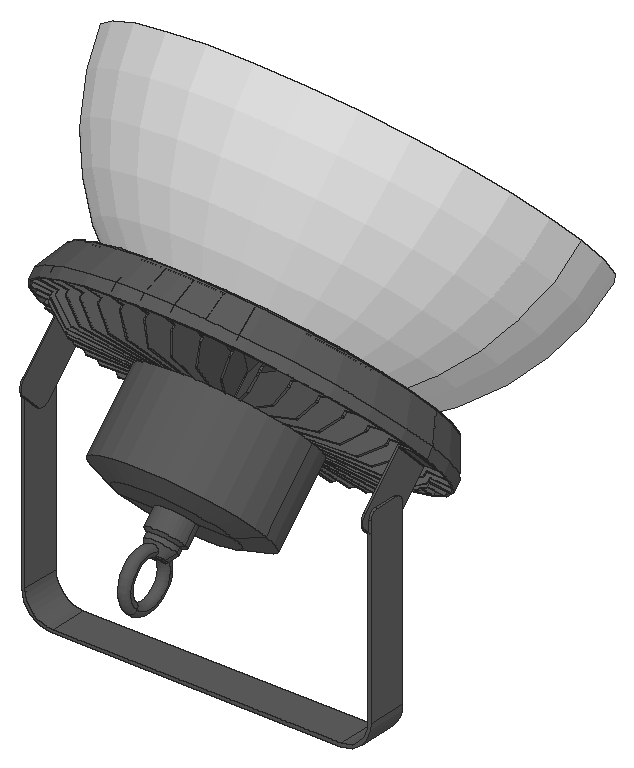
Revit family "0039364+0039355+0039359 Sylvania Lighting Fixture START HighBay IP65 DALI 26000lm 840 MB with BRACKET and ALU SHADE ALU COLOR FOR 26KLM", category Lighting Fixtures, host Face, Revit 2016
Family settings
  Host = Face
  Part Type = Normal
  Round Connector Dimension = Use Diameter
  OmniClass Number = 23.80.70.00
  OmniClass Title = Lighting
  Cut with Voids When Loaded = No
  Light Source = No
  Shared = No
  Room Calculation Point = No
Parameters (values of type "0039364+0039355+0039359  START HighBay IP65 DALI 26000lm 840 MB with BRACKET and ALU SHADE ALU COLOR FOR 26KLM")
  Weight = "3.7 kg"
  Wattage Comments = ""
  WarrantyStartDate [instance] = "n/a"
  WarrantyGuarantorParts = "n/a"
  WarrantyDurationUnit = "n/a"
  WarrantyDurationParts = "n/a"
  WarrantyDescription = "n/a"
  Voltage = 0 V
  URL = "http://www.sylvania-lighting.com"
  TypeName = "START HighBay IP65 DALI 26000lm 840 MB with BRACKET and ALU SHADE ALU COLOR FOR 26KLM"
  TypeHead_FEILO = Start LED Highbay DALI Head : 0039364+0039355+0039359 START HighBay IP65 DALI 26000lm 840 MB with BRACKET and ALU SHADE ALU COLOR FOR 26KLM
  Type Image = <None>
  Type Comments = "n/a"
  TiltAngle_FEILO [instance] = 45.00°
  ThicknessBracketPlate_FEILO = 3 mm
  SizeBracketS_FEILO = no
  SizeBracketM_FEILO = no
  SerialNumber [instance] = "n/a"
  RadiusBracketTop_FEILO = 7 mm
  RadiusBendOut_FEILO = if(SizeBracketS_FEILO, 18 mm, if(SizeBracketM_FEILO, 24 mm, 28 mm))  # 28 mm
  RadiusBendIn_FEILO = RadiusBendOut_FEILO - ThicknessBracketPlate_FEILO  # 25 mm
  Material_3_FEILO = none
  PowerFactor = 0.95
  PowerConsumption = "190 W"
  NominalLength = 339 mm
  NominalHeight = 189 mm
  NominalDepth = 339 mm
  Name = "START HighBay IP65 DALI 26000lm 840 MB with BRACKET and ALU SHADE ALU COLOR FOR 26KLM"
  ModelReference = Name  # "START HighBay IP65 DALI 26000lm 840 MB with BRACKET and ALU SHADE ALU COLOR FOR 26KLM"
  ModelNumber = "0039364+0039355+0039359"
  Model = Name  # "START HighBay IP65 DALI 26000lm 840 MB with BRACKET and ALU SHADE ALU COLOR FOR 26KLM"
  Material = "aluminium alloy housing, polycarbonate diffuser"
  ManufacturerName = "Feilo Sylvania"
  Manufacturer = "Feilo Sylvania"
  LuminousEfficacy = "130 lm/W"
  LuminaireType = ""
  LightOutputRatio = "n/a"
  LampsType = Lamp  # "LED"
  LampNominalLuminous = "24700 lm"
  LampMacAdamStep = "6"
  LampColourTemperature = "4000 K"
  LampColourRenderingIndex = "80"
  Lamp = "LED"
  Keynote = "16500"
  InstallationDate [instance] = "n/a"
  InputVoltage = "n/a"
  InputNominalFrequency = "50/60 Hz"
  IngressProtection = "IP65"
  ImpactProtectionIndex = "IK08"
  IfcExportType = "IfcLightFixtureType"
  IfcExportAs = "IfcLightFixtureType"
  ExpectedLife = 50000
  EndAngle_FEILO [instance] = TiltAngle_FEILO + 180.00°  # 225.00°
  ElectricShockClassification = "Class I"
  DurationUnit = "hours"
  DocumentationLiterature = "http://www.sylvania-lighting.com/product/en-int/products/0039364"
  DimmingControlOptions = "Dimmable"
  Material_2_FEILO = none
  Description = "START Highbay, includes 1 m cables, black aluminium housing, 24,700 Lm, 190 W, 130 Lm/W, 4000 K, drive current: 4100 mA, CRI 80, 60° beam angle, DALI dimmable, IP65, IK08, 50,000 hrs (L80/B50), (D x H) 339 x 189 mm."
  Default Elevation = 1219.2 mm
  CreatedOn = "5/15/2018"
  CreatedBy = "aron.fodor@sylvania-lighting.com"
  Cost = 0
  built-in parameter 1114216 [instance] = (empty or 0)
  ClassificationValue = "EF_70_80"
  ClassificationName = "Uniclass2015"
  Material_1_FEILO = Body-Sylvania-StartHighbay-Black
  BracketHeight_FEILO = if(SizeBracketS_FEILO, 199.5 mm, if(SizeBracketM_FEILO, 209.6 mm, 201.3 mm))  # 201.3 mm
  BracketDistanceInner_FEILO = if(SizeBracketS_FEILO, 249.4 mm, if(SizeBracketM_FEILO, 273.6 mm, 313.2 mm))  # 313.2 mm
  BarCode [instance] = "n/a"
  AssetType = "Fixed"
  AssetIdentifier [instance] = "n/a"
  Assembly Code = "D5020200"
  Apparent Load = 190 VA
  Material_4_FEILO = none
Reference planes
  plane 1 "Center (Front/Back)": y = 0
  plane 2: z = 0
  plane 3 "Center (Left/Right)": x = 0
  plane 4: x = -159.6
  plane 5: x = 159.6
  plane 6: z = 201.3
  plane 7: x = -156.6
  plane 8: z = 3
  plane 9: x = 156.6
  plane 10: y = 17.5
  plane 11: y = -17.5
  plane 12: y = -19.5
  plane 13: z = 203.3
  plane 14: y = 19.5
  plane 15: z = 192.3
Forms (mm)
  Extrusion 1, solid, material "Body-Sylvania-StartHighbay-Black" <- "Material_1_FEILO"
    sketch origin (0, 0, 0) x (1, 0, 0) y (0, 0, 1)
      loop
        line (-159.6, 201.3) -> (-159.6, 28)
        arc (-159.6, 28) -> (-151.399, 8.201) -> (-131.6, 0) r 28
        line (-131.6, 0) -> (131.6, 0)
        arc (131.6, 0) -> (151.399, 8.201) -> (159.6, 28) r 28
        line (159.6, 28) -> (159.6, 201.3) -> (156.6, 201.3) -> (156.6, 28)
        arc (156.6, 28) -> (149.278, 10.322) -> (131.6, 3) r 25
        line (131.6, 3) -> (-131.6, 3)
        arc (-131.6, 3) -> (-149.278, 10.322) -> (-156.6, 28) r 25
        line (-156.6, 28) -> (-156.6, 201.3) -> (-159.6, 201.3)
    from -17.5 to 17.5
  Extrusion 2, void
    sketch origin (0, 0, 0) x (0, 1, 0) y (0, 0, 1)
      loop
        arc (10.5, 201.3) -> (15.45, 199.25) -> (17.5, 194.3) r 7
        line (17.5, 194.3) -> (19.5, 194.3) -> (19.5, 203.3) -> (-19.5, 203.3) -> (-19.5, 194.3) -> (-17.5, 194.3)
        arc (-17.5, 194.3) -> (-15.45, 199.25) -> (-10.5, 201.3) r 7
        line (-10.5, 201.3) -> (10.5, 201.3)
    from -159.6 to 159.6
  Revolve 3, solid, not visible
    sketch origin (1223.4, -4572, 192.3) x (0, -1, 0) y (1, 0, 0)
      loop
        line (-4572, -1223.4) -> (-4591.5, -1223.4) -> (-4591.5, -1277.783) -> (-4572, -1277.783) -> (-4572, -1223.4)
      axis (-4572, -1223.4) -> (-4572, -1277.783)
    angle from 45 <- "TiltAngle_FEILO" to 225 <- "EndAngle_FEILO"
Cuts and joins
  Extrusion 2 cuts Extrusion 1
Dimensions and locks
  "BracketHeight_FEILO": plane 6 to plane 2
  equal spacing: plane 11, plane 1 "Center (Front/Back)", plane 10
  locked: plane 11 to plane 10 at 35
  equal spacing: plane 9, plane 3 "Center (Left/Right)", plane 7
  "BracketDistanceInner_FEILO": plane 9 to plane 7
  "ThicknessBracketPlate_FEILO": plane 7 to plane 4
  "ThicknessBracketPlate_FEILO": plane 8 to plane 2
  equal spacing: plane 5, plane 3 "Center (Left/Right)", plane 4
  equal spacing: plane 12, plane 1 "Center (Front/Back)", plane 14
  locked: plane 6 to plane 13 at 2
  locked: plane 12 to plane 11 at 2
  locked: plane 6 to plane 15 at 9
  "RadiusBendOut_FEILO": radius of Extrusion 1 sketch curve  (x2)
  "RadiusBendIn_FEILO": radius of Extrusion 1 sketch curve  (x2)
  "RadiusBracketTop_FEILO": radius of Extrusion 2 sketch curve  (x2)
  aligned and locked: plane 2 to host face
  aligned and locked: level to host face
  aligned and locked: Extrusion 1 sketch curve to plane 4
  aligned and locked: Extrusion 1 sketch curve to level
  aligned and locked: plane 6 to Extrusion 1 sketch curve
  aligned and locked: Extrusion 1 sketch curve to plane 6
  aligned and locked: Extrusion 1 sketch curve to plane 7
  aligned and locked: plane 9 to Extrusion 1 sketch curve
  aligned and locked: plane 8 to Extrusion 1 sketch curve
  aligned and locked: Extrusion 1 to plane 10
  aligned and locked: plane 11 to Extrusion 1
  aligned and locked: Extrusion 1 to Extrusion 2 sketch curve
  aligned and locked: plane 14 to Extrusion 2 sketch curve  (x2)
  aligned and locked: Extrusion 2 sketch curve to plane 12
  aligned and locked: plane 13 to Extrusion 2 sketch curve
  aligned and locked: plane 5 to Extrusion 2
  aligned and locked: Extrusion 2 to plane 4
  aligned and locked: Revolve 3 sketch curve to plane 1 "Center (Front/Back)"
  aligned and locked: Revolve 3 sketch curve to Revolve 3 sketch curve
  aligned and locked: plane 3 "Center (Left/Right)" to Revolve 3 sketch curve
  aligned and locked: Revolve 3 sketch curve to plane 14
  aligned and locked: nested 1 to plane 3 "Center (Left/Right)"
Automatic sketch dimensions
  host sketch curve to host sketch curve = 2438.4 mm  (x2)
  Revolve 3 sketch curve to Revolve 3 sketch curve = 54.383 mm
  Revolve 3 sketch curve to plane 4 = 1396.3 mm
  plane 5 to Revolve 3 sketch curve = 1396.3 mm
  Extrusion 1 sketch curve to Extrusion 1 sketch curve = 0 mm
  Extrusion 2 sketch curve to plane 11 = 0 mm
  Extrusion 2 sketch curve to plane 10 = 0 mm
Nested families
  nested 1: "Start LED Highbay DALI Head" at (0, 0, 192.3) x (-1, 0, 0) z (0, 0.7071, 0.7071), type <- "TypeHead_FEILO", type "0039364+0039355+0039359 START HighBay IP65 DALI 26000lm 840 MB with BRACKET and ALU SHADE ALU COLOR FOR 26KLM"
    with built-in parameter 1114216 (empty or 0)
Connectors
  electrical at (0, 0, 0), driven by "Apparent Load", driven by "PowerFactor", driven by "Voltage"
    settings: index 1, voltage 0 V, apparent load 190 VA, apparent load phase1 0 VA, apparent load phase2 0 VA, apparent load phase3 0 VA, power factor 0.95, load classification "Lighting", number of poles 1, system type 30, power factor state 1, is connector primary yes, connector utility no, sub classification motor no, connector description ""
Definition of nested family "Start LED Highbay DALI Head"
  Parameters (values of type "0039367+0039355+0039361 START HighBay IP65 DALI 26000lm 840 WB with BRACKET and PC LAMPSHADE TRANSPARENT FOR 26KLM")
    X_FEILO = if(SizeS_FEILO, 60.3 mm, if(SizeM_FEILO, 70.4 mm, 83.5 mm))  # 83.5 mm
    WidthStraight_FEILO = if(SizeS_FEILO, 3 mm, if(SizeM_FEILO, 4 mm, 4.7 mm))  # 4.7 mm
    WidthRingChamfer_FEILO = if(SizeS_FEILO, 10.3 mm, if(SizeM_FEILO, 11.2 mm, 12.9 mm))  # 12.9 mm
    WidthCurved_FEILO = if(SizeS_FEILO, 17.4 mm, if(SizeM_FEILO, 16.4 mm, 26.2 mm))  # 26.2 mm
    WidthCurvedRing_FEILO = if(SizeS_FEILO, 3 mm, if(SizeM_FEILO, 4 mm, 4.7 mm))  # 4.7 mm
    WidthBracket_FEILO = 40 mm
    Wattage Comments = ""
    Wattage = 190 W
    built-in parameter 1150110 = 1 (stored number, unit not read)
    URL = "http://www.sylvania-lighting.com"
    Type Image = (empty or 0)
    Type Comments = "n/a"
    built-in parameter 1114217 = 1 (stored number, unit not read)
    Tilt Angle = -90.00°
    ThicknessWall_FEILO = 1.5 mm
    ThicknessBracket_FEILO = 1.5 mm
    ThicknessBracketHalf_FEILO = ThicknessBracket_FEILO / 2  # 0.75 mm
    built-in parameter 1150109 = 1 (stored number, unit not read)
    built-in parameter 1150134 = 1
    built-in parameter 1150113 = 1 (stored number, unit not read)
    SizeS_FEILO = no
    SizeM_FEILO = no
    ShadeThickness_FEILO = 3 mm
    ShadeSizeSM_FEILO = or(SizeS_FEILO, SizeM_FEILO)  # no
    ShadeRadiusOut_FEILO = 205 mm
    ShadeRadiusIn_FEILO = if(ShadeSizeSM_FEILO, 95 mm, 121 mm)  # 121 mm
    ShadeRadiusBend_FEILO = if(ShadeSizeSM_FEILO, 210 mm, 210 mm)  # 210 mm
    ShadeOn_FEILO = yes
    ShadeHeight_FEILO = if(ShadeSizeSM_FEILO, 120 mm, 151 mm)  # 151 mm
    Rib4_FEILO = if(SizeS_FEILO, 18.1 mm, if(SizeM_FEILO, 13.6 mm, 14.6 mm))  # 14.6 mm
    Rib3_FEILO = if(SizeS_FEILO, 15.3 mm, if(SizeM_FEILO, 17.6 mm, 20.2 mm))  # 20.2 mm
    Rib2_FEILO = if(SizeS_FEILO, 3.6 mm, if(SizeM_FEILO, 3.9 mm, 4.5 mm))  # 4.5 mm
    Rib1_FEILO = if(SizeS_FEILO, 15.1 mm, if(SizeM_FEILO, 16.5 mm, 19 mm))  # 19 mm
    RadiusDiffuser_FEILO = if(SizeS_FEILO, 95.2 mm, if(SizeM_FEILO, 105.3 mm, 120 mm))  # 120 mm
    RadiusArrayPost_FEILO = DriverRadius_FEILO - 6 mm  # 70.4 mm
    RHRadius3_FEILO = if(SizeS_FEILO, 6.6 mm, if(SizeM_FEILO, 7.4 mm, 8.6 mm))  # 8.6 mm
    RHRadius2_FEILO = if(SizeS_FEILO, 11 mm, if(SizeM_FEILO, 12 mm, 14 mm))  # 14 mm
    RHRadius1_FEILO = if(SizeS_FEILO, 13.6 mm, if(SizeM_FEILO, 14.9 mm, 17.7 mm))  # 17.7 mm
    RHHeight4_FEILO = if(SizeS_FEILO, 7.3 mm, if(SizeM_FEILO, 8 mm, 9.2 mm))  # 9.2 mm
    RHHeight3_FEILO = if(SizeS_FEILO, 3.6 mm, if(SizeM_FEILO, 3.7 mm, 4.6 mm))  # 4.6 mm
    RHHeight2_FEILO = if(SizeS_FEILO, 2 mm, if(SizeM_FEILO, 2.2 mm, 2.6 mm))  # 2.6 mm
    RHHeight1_FEILO = if(SizeS_FEILO, 11.8 mm, if(SizeM_FEILO, 15.3 mm, 17.4 mm))  # 17.4 mm
    Photometric Web File = "0039367+0039361.ies"
    Material_5_FEILO = none
    Material_3_FEILO = none
    Model = "START HighBay IP65 DALI 26000lm 840 WB with BRACKET and PC LAMPSHADE TRANSPARENT FOR 26KLM"
    Manufacturer = "Feilo Sylvania"
    built-in parameter 1150105 = 33385.3 (stored number, unit not read)
    Lumens = 24700 lm
    built-in parameter 1150115 = 1 (stored number, unit not read)
    built-in parameter 1150137 = (empty or 0)
    built-in parameter 1150139 = (empty or 0)
    built-in parameter 1150112 = 1 (stored number, unit not read)
    built-in parameter 1150114 = 1 (stored number, unit not read)
    Lamp = "LED"
    Keynote = "16500"
    built-in parameter 1150132 = (empty or 0)
    built-in parameter 1150102 = (empty or 0)
    built-in parameter 1150107 = 6500 (stored number, unit not read)
    built-in parameter 1150138 = (empty or 0)
    built-in parameter 1150106 = 333.85 (stored number, unit not read)
    HeightRing_FEILO = if(SizeS_FEILO, 19.8 mm, if(SizeM_FEILO, 32 mm, 36.8 mm))  # 36.8 mm
    HeightRingChamfer_FEILO = if(SizeS_FEILO, 11.7 mm, if(SizeM_FEILO, 23.2 mm, 26.6 mm))  # 26.6 mm
    EyeThickness_FEILO = if(SizeS_FEILO, 8.4 mm, if(SizeM_FEILO, 9.2 mm, 10.5 mm))  # 10.5 mm
    EyeThicknessHalf_FEILO = EyeThickness_FEILO / 2  # 5.25 mm
    EyeInner_FEILO = if(SizeS_FEILO, 13.8 mm, if(SizeM_FEILO, 15.1 mm, 17.3 mm))  # 17.3 mm
    Emit from Circle Diameter = RadiusDiffuser_FEILO * 2  # 240 mm
    Emit Shape Visible in Rendering = no
    built-in parameter 1150104 = 12.077 (stored number, unit not read)
    DriverVerticalStraight_FEILO = if(SizeS_FEILO, 46.5 mm, if(SizeM_FEILO, 49.7 mm, 57 mm))  # 57 mm
    DriverVerticalChamfer_FEILO = if(SizeS_FEILO, 7.5 mm, if(SizeM_FEILO, 8.2 mm, 9.5 mm))  # 9.5 mm
    DriverRadius_FEILO = if(SizeS_FEILO, 61.4 mm, if(SizeM_FEILO, 67.2 mm, 76.4 mm))  # 76.4 mm
    DriverRadiusTop_FEILO = if(SizeS_FEILO, 42 mm, if(SizeM_FEILO, 45.3 mm, 52.4 mm))  # 52.4 mm
    DriverBottom_FEILO = if(SizeS_FEILO, 56 mm, if(SizeM_FEILO, 64.5 mm, 74 mm))  # 74 mm
    Material_2_FEILO = none
    Radius_FEILO = if(SizeS_FEILO, 135 mm, if(SizeM_FEILO, 148 mm, 169.5 mm))  # 169.5 mm
    Dimming Lamp Color Temperature Shift = (empty or 0)
    DiameterWire_FEILO = 3 mm
    DiameterWireSupport_FEILO = 10 mm
    Description = "START Highbay, includes 1 m cables, black aluminium housing, 24,700 Lm, 190 W, 130 Lm/W, 6500 K, drive current: 4100 mA, CRI 80, 90° beam angle, DALI dimmable, IP65, IK08, 50,000 hrs (L80/B50), (D x H) 339 x 189 mm."
    Default Elevation = 1219.2 mm
    Cost = 0
    Color Filter = 16777215
    built-in parameter 1114216 [instance] = (empty or 0)
    Material_1_FEILO = none
    built-in parameter 1114218 = 1 (stored number, unit not read)
    built-in parameter 1150133 = 10 (stored number, unit not read)
    Assembly Code = "D5020200"
    Apparent Load = 190 VA
    Material_4_FEILO = none
  Types (24, lengths in mm): name | X_FEILO | WidthStraight_FEILO | WidthRingChamfer_FEILO | WidthCurved_FEILO | WidthCurvedRing_FEILO | Wattage | built-in parameter 1150134 | SizeS_FEILO | SizeM_FEILO | ShadeSizeSM_FEILO | ShadeRadiusIn_FEILO | ShadeOn_FEILO | ShadeHeight_FEILO | Rib4_FEILO | Rib3_FEILO | Rib2_FEILO | Rib1_FEILO | RadiusDiffuser_FEILO | RadiusArrayPost_FEILO | RHRadius3_FEILO | RHRadius2_FEILO | RHRadius1_FEILO | RHHeight4_FEILO | RHHeight3_FEILO | RHHeight2_FEILO | RHHeight1_FEILO | Photometric Web File | Model | built-in parameter 1150105 | Lumens | built-in parameter 1150107 | built-in parameter 1150106 | HeightRing_FEILO | HeightRingChamfer_FEILO | EyeThickness_FEILO | EyeThicknessHalf_FEILO | EyeInner_FEILO | Emit from Circle Diameter | DriverVerticalStraight_FEILO | DriverVerticalChamfer_FEILO | DriverRadius_FEILO | DriverRadiusTop_FEILO | DriverBottom_FEILO | Radius_FEILO | Description | Apparent Load
    0039367+0039355+0039361 START HighBay IP65 DALI 26000lm 840 WB with BRACKET and PC LAMPSHADE TRANSPARENT FOR 26KLM | 83.5 | 4.7 | 12.9 | 26.2 | 4.7 | 190 W | 1 | no | no | no | 121 | yes | 151 | 14.6 | 20.2 | 4.5 | 19 | 120 | 70.4 | 8.6 | 14 | 17.7 | 9.2 | 4.6 | 2.6 | 17.4 | "0039367+0039361.ies" | "START HighBay IP65 DALI 26000lm 840 WB with BRACKET and PC LAMPSHADE TRANSPARENT FOR 26KLM" | 33385.3 (stored number, unit not read) | 24700 lm | 6500 (stored number, unit not read) | 333.85 (stored number, unit not read) | 36.8 | 26.6 | 10.5 | 5.25 | 17.3 | 240 | 57 | 9.5 | 76.4 | 52.4 | 74 | 169.5 | "START Highbay, includes 1 m cables, black aluminium housing, 24,700 Lm, 190 W, 130 Lm/W, 6500 K, drive current: 4100 mA, CRI 80, 90° beam angle, DALI dimmable, IP65, IK08, 50,000 hrs (L80/B50), (D x H) 339 x 189 mm." | 190 VA
    0039367+0039355+0039360 START HighBay IP65 DALI 26000lm 840 WB with BRACKET and ALU SHADE BLACK COLOR FOR 26KLM | 83.5 | 4.7 | 12.9 | 26.2 | 4.7 | 190 W | 1 | no | no | no | 121 | yes | 151 | 14.6 | 20.2 | 4.5 | 19 | 120 | 70.4 | 8.6 | 14 | 17.7 | 9.2 | 4.6 | 2.6 | 17.4 | "0039367+0039360.ies" | "START HighBay IP65 DALI 26000lm 840 WB with BRACKET and ALU SHADE BLACK COLOR FOR 26KLM" | 33569.2 (stored number, unit not read) | 24700 lm | 6500 (stored number, unit not read) | 335.69 (stored number, unit not read) | 36.8 | 26.6 | 10.5 | 5.25 | 17.3 | 240 | 57 | 9.5 | 76.4 | 52.4 | 74 | 169.5 | "START Highbay, includes 1 m cables, black aluminium housing, 24,700 Lm, 190 W, 130 Lm/W, 6500 K, drive current: 4100 mA, CRI 80, 90° beam angle, DALI dimmable, IP65, IK08, 50,000 hrs (L80/B50), (D x H) 339 x 189 mm." | 190 VA
    0039367+0039355+0039359 START HighBay IP65 DALI 26000lm 840 WB with BRACKET and ALU SHADE ALU COLOR FOR 26KLM | 83.5 | 4.7 | 12.9 | 26.2 | 4.7 | 190 W | 1 | no | no | no | 121 | yes | 151 | 14.6 | 20.2 | 4.5 | 19 | 120 | 70.4 | 8.6 | 14 | 17.7 | 9.2 | 4.6 | 2.6 | 17.4 | "0039367+0039359.ies" | "START HighBay IP65 DALI 26000lm 840 WB with BRACKET and ALU SHADE ALU COLOR FOR 26KLM" | 33569.2 (stored number, unit not read) | 24700 lm | 6500 (stored number, unit not read) | 335.69 (stored number, unit not read) | 36.8 | 26.6 | 10.5 | 5.25 | 17.3 | 240 | 57 | 9.5 | 76.4 | 52.4 | 74 | 169.5 | "START Highbay, includes 1 m cables, black aluminium housing, 24,700 Lm, 190 W, 130 Lm/W, 6500 K, drive current: 4100 mA, CRI 80, 90° beam angle, DALI dimmable, IP65, IK08, 50,000 hrs (L80/B50), (D x H) 339 x 189 mm." | 190 VA
    0039367+0039355 START HighBay IP65 DALI 26000lm 840 WB with BRACKET | 83.5 | 4.7 | 12.9 | 26.2 | 4.7 | 190 W | 1 | no | no | no | 121 | no | 151 | 14.6 | 20.2 | 4.5 | 19 | 120 | 70.4 | 8.6 | 14 | 17.7 | 9.2 | 4.6 | 2.6 | 17.4 | "0039367.ies" | "START HighBay IP65 DALI 26000lm 840 WB with BRACKET" | 13532 (stored number, unit not read) | 24700 lm | 6500 (stored number, unit not read) | 135.32 (stored number, unit not read) | 36.8 | 26.6 | 10.5 | 5.25 | 17.3 | 240 | 57 | 9.5 | 76.4 | 52.4 | 74 | 169.5 | "START Highbay, includes 1 m cables, black aluminium housing, 24,700 Lm, 190 W, 130 Lm/W, 6500 K, drive current: 4100 mA, CRI 80, 90° beam angle, DALI dimmable, IP65, IK08, 50,000 hrs (L80/B50), (D x H) 339 x 189 mm." | 190 VA
    0039366+0039354+0039358 START HighBay IP65 DALI 19000lm 840 WB with BRACKET and PC LAMPSHADE TRANSPARENT 13/19KLM | 70.4 | 4 | 11.2 | 16.4 | 4 | 150 W | 1 | no | yes | yes | 95 | yes | 120 | 13.6 | 17.6 | 3.9 | 16.5 | 105.3 | 61.2 | 7.4 | 12 | 14.9 | 8 | 3.7 | 2.2 | 15.3 | "0039366+0039358.ies" | "START HighBay IP65 DALI 19000lm 840 WB with BRACKET and PC LAMPSHADE TRANSPARENT 13/19KLM" | 26356.9 (stored number, unit not read) | 19500 lm | 6500 (stored number, unit not read) | 263.57 (stored number, unit not read) | 32 | 23.2 | 9.2 | 4.6 | 15.1 | 210.6 | 49.7 | 8.2 | 67.2 | 45.3 | 64.5 | 148 | "START Highbay, includes 1 m cables, black aluminium housing, 19,500 Lm, 150 W, 130 Lm/W, 6500 K, drive current: 3300 mA, CRI 80, 90° beam angle, DALI dimmable, IP65, IK08, 50,000 hrs (L80/B50), (D x H) 296 x 172 mm." | 150 VA
    0039366+0039354+0039357 START HighBay IP65 DALI 19000lm 840 WB with BRACKET and ALU SHADE BLACK COLOR FOR 13/19KLM | 70.4 | 4 | 11.2 | 16.4 | 4 | 150 W | 1 | no | yes | yes | 95 | yes | 120 | 13.6 | 17.6 | 3.9 | 16.5 | 105.3 | 61.2 | 7.4 | 12 | 14.9 | 8 | 3.7 | 2.2 | 15.3 | "0039366+0039357.ies" | "START HighBay IP65 DALI 19000lm 840 WB with BRACKET and ALU SHADE BLACK COLOR FOR 13/19KLM" | 26502 (stored number, unit not read) | 19500 lm | 6500 (stored number, unit not read) | 265.02 (stored number, unit not read) | 32 | 23.2 | 9.2 | 4.6 | 15.1 | 210.6 | 49.7 | 8.2 | 67.2 | 45.3 | 64.5 | 148 | "START Highbay, includes 1 m cables, black aluminium housing, 19,500 Lm, 150 W, 130 Lm/W, 6500 K, drive current: 3300 mA, CRI 80, 90° beam angle, DALI dimmable, IP65, IK08, 50,000 hrs (L80/B50), (D x H) 296 x 172 mm." | 150 VA
    0039366+0039354+0039356 START HighBay IP65 DALI 19000lm 840 WB with BRACKET and ALU SHADE ALU COLOR FOR 13/19KLM | 70.4 | 4 | 11.2 | 16.4 | 4 | 150 W | 1 | no | yes | yes | 95 | yes | 120 | 13.6 | 17.6 | 3.9 | 16.5 | 105.3 | 61.2 | 7.4 | 12 | 14.9 | 8 | 3.7 | 2.2 | 15.3 | "0039366+0039356.ies" | "START HighBay IP65 DALI 19000lm 840 WB with BRACKET and ALU SHADE ALU COLOR FOR 13/19KLM" | 26502 (stored number, unit not read) | 19500 lm | 6500 (stored number, unit not read) | 265.02 (stored number, unit not read) | 32 | 23.2 | 9.2 | 4.6 | 15.1 | 210.6 | 49.7 | 8.2 | 67.2 | 45.3 | 64.5 | 148 | "START Highbay, includes 1 m cables, black aluminium housing, 19,500 Lm, 150 W, 130 Lm/W, 6500 K, drive current: 3300 mA, CRI 80, 90° beam angle, DALI dimmable, IP65, IK08, 50,000 hrs (L80/B50), (D x H) 296 x 172 mm." | 150 VA
    0039366+0039354 START HighBay IP65 DALI 19000lm 840 WB with BRACKET | 70.4 | 4 | 11.2 | 16.4 | 4 | 150 W | 1 | no | yes | yes | 95 | no | 120 | 13.6 | 17.6 | 3.9 | 16.5 | 105.3 | 61.2 | 7.4 | 12 | 14.9 | 8 | 3.7 | 2.2 | 15.3 | "0039366.ies" | "START HighBay IP65 DALI 19000lm 840 WB with BRACKET" | 10981.5 (stored number, unit not read) | 19500 lm | 6500 (stored number, unit not read) | 109.82 (stored number, unit not read) | 32 | 23.2 | 9.2 | 4.6 | 15.1 | 210.6 | 49.7 | 8.2 | 67.2 | 45.3 | 64.5 | 148 | "START Highbay, includes 1 m cables, black aluminium housing, 19,500 Lm, 150 W, 130 Lm/W, 6500 K, drive current: 3300 mA, CRI 80, 90° beam angle, DALI dimmable, IP65, IK08, 50,000 hrs (L80/B50), (D x H) 296 x 172 mm." | 150 VA
    0039365+0039353+0039358 START HighBay IP65 DALI 13000lm 840 WB with BRACKET and PC LAMPSHADE TRANSPARENT 13/19KLM | 60.3 | 3 | 10.3 | 17.4 | 3 | 90 W | 1 | yes | no | yes | 95 | yes | 120 | 18.1 | 15.3 | 3.6 | 15.1 | 95.2 | 55.4 | 6.6 | 11 | 13.6 | 7.3 | 3.6 | 2 | 11.8 | "0039365+0039358.ies" | "START HighBay IP65 DALI 13000lm 840 WB with BRACKET and PC LAMPSHADE TRANSPARENT 13/19KLM" | 15814.1 (stored number, unit not read) | 11700 lm | 6500 (stored number, unit not read) | 158.14 (stored number, unit not read) | 19.8 | 11.7 | 8.4 | 4.2 | 13.8 | 190.4 | 46.5 | 7.5 | 61.4 | 42 | 56 | 135 | "START Highbay, includes 1 m cables, black aluminium housing, 11,700 Lm, 90 W, 130 Lm/W, 6500 K, drive current: 2000 mA, CRI 80, 90° beam angle, DALI dimmable, IP65, IK08, 50,000 hrs (L80/B50), (D x H) 270 x 175 mm." | 90 VA
    0039365+0039353+0039357 START HighBay IP65 DALI 13000lm 840 WB with BRACKET and ALU SHADE BLACK COLOR FOR 13/19KLM | 60.3 | 3 | 10.3 | 17.4 | 3 | 90 W | 1 | yes | no | yes | 95 | yes | 120 | 18.1 | 15.3 | 3.6 | 15.1 | 95.2 | 55.4 | 6.6 | 11 | 13.6 | 7.3 | 3.6 | 2 | 11.8 | "0039365+0039357.ies" | "START HighBay IP65 DALI 13000lm 840 WB with BRACKET and ALU SHADE BLACK COLOR FOR 13/19KLM" | 15901.2 (stored number, unit not read) | 11700 lm | 6500 (stored number, unit not read) | 159.01 (stored number, unit not read) | 19.8 | 11.7 | 8.4 | 4.2 | 13.8 | 190.4 | 46.5 | 7.5 | 61.4 | 42 | 56 | 135 | "START Highbay, includes 1 m cables, black aluminium housing, 11,700 Lm, 90 W, 130 Lm/W, 6500 K, drive current: 2000 mA, CRI 80, 90° beam angle, DALI dimmable, IP65, IK08, 50,000 hrs (L80/B50), (D x H) 270 x 175 mm." | 90 VA
    0039365+0039353+0039356 START HighBay IP65 DALI 13000lm 840 WB with BRACKET and ALU SHADE ALU COLOR FOR 13/19KLM | 60.3 | 3 | 10.3 | 17.4 | 3 | 90 W | 1 | yes | no | yes | 95 | yes | 120 | 18.1 | 15.3 | 3.6 | 15.1 | 95.2 | 55.4 | 6.6 | 11 | 13.6 | 7.3 | 3.6 | 2 | 11.8 | "0039365+0039356.ies" | "START HighBay IP65 DALI 13000lm 840 WB with BRACKET and ALU SHADE ALU COLOR FOR 13/19KLM" | 15901.2 (stored number, unit not read) | 11700 lm | 6500 (stored number, unit not read) | 159.01 (stored number, unit not read) | 19.8 | 11.7 | 8.4 | 4.2 | 13.8 | 190.4 | 46.5 | 7.5 | 61.4 | 42 | 56 | 135 | "START Highbay, includes 1 m cables, black aluminium housing, 11,700 Lm, 90 W, 130 Lm/W, 6500 K, drive current: 2000 mA, CRI 80, 90° beam angle, DALI dimmable, IP65, IK08, 50,000 hrs (L80/B50), (D x H) 270 x 175 mm." | 90 VA
    0039365+0039353 START HighBay IP65 DALI 13000lm 840 WB with BRACKET | 60.3 | 3 | 10.3 | 17.4 | 3 | 90 W | 1 | yes | no | yes | 95 | no | 120 | 18.1 | 15.3 | 3.6 | 15.1 | 95.2 | 55.4 | 6.6 | 11 | 13.6 | 7.3 | 3.6 | 2 | 11.8 | "0039365.ies" | "START HighBay IP65 DALI 13000lm 840 WB with BRACKET" | 6365.5 (stored number, unit not read) | 11700 lm | 6500 (stored number, unit not read) | 63.655 (stored number, unit not read) | 19.8 | 11.7 | 8.4 | 4.2 | 13.8 | 190.4 | 46.5 | 7.5 | 61.4 | 42 | 56 | 135 | "START Highbay, includes 1 m cables, black aluminium housing, 11,700 Lm, 90 W, 130 Lm/W, 6500 K, drive current: 2000 mA, CRI 80, 90° beam angle, DALI dimmable, IP65, IK08, 50,000 hrs (L80/B50), (D x H) 270 x 175 mm." | 90 VA
    0039364+0039355+0039361 START HighBay IP65 DALI 26000lm 840 MB with BRACKET and PC LAMPSHADE TRANSPARENT FOR 26KLM | 83.5 | 4.7 | 12.9 | 26.2 | 4.7 | 190 W | 12 | no | no | no | 121 | yes | 151 | 14.6 | 20.2 | 4.5 | 19 | 120 | 70.4 | 8.6 | 14 | 17.7 | 9.2 | 4.6 | 2.6 | 17.4 | "0039364+0039361.ies" | "START HighBay IP65 DALI 26000lm 840 MB with BRACKET and PC LAMPSHADE TRANSPARENT FOR 26KLM" | 33385.3 (stored number, unit not read) | 24700 lm | 4000 (stored number, unit not read) | 333.85 (stored number, unit not read) | 36.8 | 26.6 | 10.5 | 5.25 | 17.3 | 240 | 57 | 9.5 | 76.4 | 52.4 | 74 | 169.5 | "START Highbay, includes 1 m cables, black aluminium housing, 24,700 Lm, 190 W, 130 Lm/W, 4000 K, drive current: 4100 mA, CRI 80, 60° beam angle, DALI dimmable, IP65, IK08, 50,000 hrs (L80/B50), (D x H) 339 x 189 mm." | 190 VA
    0039364+0039355+0039360 START HighBay IP65 DALI 26000lm 840 MB with BRACKET and ALU SHADE BLACK COLOR FOR 26KLM | 83.5 | 4.7 | 12.9 | 26.2 | 4.7 | 190 W | 12 | no | no | no | 121 | yes | 151 | 14.6 | 20.2 | 4.5 | 19 | 120 | 70.4 | 8.6 | 14 | 17.7 | 9.2 | 4.6 | 2.6 | 17.4 | "0039364+0039360.ies" | "START HighBay IP65 DALI 26000lm 840 MB with BRACKET and ALU SHADE BLACK COLOR FOR 26KLM" | 33569.2 (stored number, unit not read) | 24700 lm | 4000 (stored number, unit not read) | 335.69 (stored number, unit not read) | 36.8 | 26.6 | 10.5 | 5.25 | 17.3 | 240 | 57 | 9.5 | 76.4 | 52.4 | 74 | 169.5 | "START Highbay, includes 1 m cables, black aluminium housing, 24,700 Lm, 190 W, 130 Lm/W, 4000 K, drive current: 4100 mA, CRI 80, 60° beam angle, DALI dimmable, IP65, IK08, 50,000 hrs (L80/B50), (D x H) 339 x 189 mm." | 190 VA
    0039364+0039355+0039359 START HighBay IP65 DALI 26000lm 840 MB with BRACKET and ALU SHADE ALU COLOR FOR 26KLM | 83.5 | 4.7 | 12.9 | 26.2 | 4.7 | 190 W | 12 | no | no | no | 121 | yes | 151 | 14.6 | 20.2 | 4.5 | 19 | 120 | 70.4 | 8.6 | 14 | 17.7 | 9.2 | 4.6 | 2.6 | 17.4 | "0039364+0039359.ies" | "START HighBay IP65 DALI 26000lm 840 MB with BRACKET and ALU SHADE ALU COLOR FOR 26KLM" | 33569.2 (stored number, unit not read) | 24700 lm | 4000 (stored number, unit not read) | 335.69 (stored number, unit not read) | 36.8 | 26.6 | 10.5 | 5.25 | 17.3 | 240 | 57 | 9.5 | 76.4 | 52.4 | 74 | 169.5 | "START Highbay, includes 1 m cables, black aluminium housing, 24,700 Lm, 190 W, 130 Lm/W, 4000 K, drive current: 4100 mA, CRI 80, 60° beam angle, DALI dimmable, IP65, IK08, 50,000 hrs (L80/B50), (D x H) 339 x 189 mm." | 190 VA
    0039364+0039355 START HighBay IP65 DALI 26000lm 840 MB with BRACKET | 83.5 | 4.7 | 12.9 | 26.2 | 4.7 | 190 W | 12 | no | no | no | 121 | no | 151 | 14.6 | 20.2 | 4.5 | 19 | 120 | 70.4 | 8.6 | 14 | 17.7 | 9.2 | 4.6 | 2.6 | 17.4 | "0039364.ies" | "START HighBay IP65 DALI 26000lm 840 MB with BRACKET" | 26901.8 (stored number, unit not read) | 24700 lm | 4000 (stored number, unit not read) | 269.02 (stored number, unit not read) | 36.8 | 26.6 | 10.5 | 5.25 | 17.3 | 240 | 57 | 9.5 | 76.4 | 52.4 | 74 | 169.5 | "START Highbay, includes 1 m cables, black aluminium housing, 24,700 Lm, 190 W, 130 Lm/W, 4000 K, drive current: 4100 mA, CRI 80, 60° beam angle, DALI dimmable, IP65, IK08, 50,000 hrs (L80/B50), (D x H) 339 x 189 mm." | 190 VA
    0039363+0039354+0039358 START HighBay IP65 DALI 19000lm 840 MB with BRACKET and PC LAMPSHADE TRANSPARENT 13/19KLM | 70.4 | 4 | 11.2 | 16.4 | 4 | 150 W | 12 | no | yes | yes | 95 | yes | 120 | 13.6 | 17.6 | 3.9 | 16.5 | 105.3 | 61.2 | 7.4 | 12 | 14.9 | 8 | 3.7 | 2.2 | 15.3 | "0039363+0039358.ies" | "START HighBay IP65 DALI 19000lm 840 MB with BRACKET and PC LAMPSHADE TRANSPARENT 13/19KLM" | 26356.9 (stored number, unit not read) | 19500 lm | 4000 (stored number, unit not read) | 263.57 (stored number, unit not read) | 32 | 23.2 | 9.2 | 4.6 | 15.1 | 210.6 | 49.7 | 8.2 | 67.2 | 45.3 | 64.5 | 148 | "START Highbay, includes 1 m cables, black aluminium housing, 19,500 Lm, 150 W, 130 Lm/W, 4000 K, drive current: 3300 mA, CRI 80, 60° beam angle, DALI dimmable, IP65, IK08, 50,000 hrs (L80/B50), (D x H) 296 x 172 mm." | 150 VA
    0039363+0039354+0039357 START HighBay IP65 DALI 19000lm 840 MB with BRACKET and ALU SHADE BLACK COLOR FOR 13/19KLM | 70.4 | 4 | 11.2 | 16.4 | 4 | 150 W | 12 | no | yes | yes | 95 | yes | 120 | 13.6 | 17.6 | 3.9 | 16.5 | 105.3 | 61.2 | 7.4 | 12 | 14.9 | 8 | 3.7 | 2.2 | 15.3 | "0039363+0039357.ies" | "START HighBay IP65 DALI 19000lm 840 MB with BRACKET and ALU SHADE BLACK COLOR FOR 13/19KLM" | 26502 (stored number, unit not read) | 19500 lm | 4000 (stored number, unit not read) | 265.02 (stored number, unit not read) | 32 | 23.2 | 9.2 | 4.6 | 15.1 | 210.6 | 49.7 | 8.2 | 67.2 | 45.3 | 64.5 | 148 | "START Highbay, includes 1 m cables, black aluminium housing, 19,500 Lm, 150 W, 130 Lm/W, 4000 K, drive current: 3300 mA, CRI 80, 60° beam angle, DALI dimmable, IP65, IK08, 50,000 hrs (L80/B50), (D x H) 296 x 172 mm." | 150 VA
    0039363+0039354+0039356 START HighBay IP65 DALI 19000lm 840 MB with BRACKET and ALU SHADE ALU COLOR FOR 13/19KLM | 70.4 | 4 | 11.2 | 16.4 | 4 | 150 W | 12 | no | yes | yes | 95 | yes | 120 | 13.6 | 17.6 | 3.9 | 16.5 | 105.3 | 61.2 | 7.4 | 12 | 14.9 | 8 | 3.7 | 2.2 | 15.3 | "0039363+0039356.ies" | "START HighBay IP65 DALI 19000lm 840 MB with BRACKET and ALU SHADE ALU COLOR FOR 13/19KLM" | 26502 (stored number, unit not read) | 19500 lm | 4000 (stored number, unit not read) | 265.02 (stored number, unit not read) | 32 | 23.2 | 9.2 | 4.6 | 15.1 | 210.6 | 49.7 | 8.2 | 67.2 | 45.3 | 64.5 | 148 | "START Highbay, includes 1 m cables, black aluminium housing, 19,500 Lm, 150 W, 130 Lm/W, 4000 K, drive current: 3300 mA, CRI 80, 60° beam angle, DALI dimmable, IP65, IK08, 50,000 hrs (L80/B50), (D x H) 296 x 172 mm." | 150 VA
    0039363+0039354 START HighBay IP65 DALI 19000lm 840 MB with BRACKET | 70.4 | 4 | 11.2 | 16.4 | 4 | 150 W | 12 | no | yes | yes | 95 | no | 120 | 13.6 | 17.6 | 3.9 | 16.5 | 105.3 | 61.2 | 7.4 | 12 | 14.9 | 8 | 3.7 | 2.2 | 15.3 | "0039363.ies" | "START HighBay IP65 DALI 19000lm 840 MB with BRACKET" | 22125.4 (stored number, unit not read) | 19500 lm | 4000 (stored number, unit not read) | 221.25 (stored number, unit not read) | 32 | 23.2 | 9.2 | 4.6 | 15.1 | 210.6 | 49.7 | 8.2 | 67.2 | 45.3 | 64.5 | 148 | "START Highbay, includes 1 m cables, black aluminium housing, 19,500 Lm, 150 W, 130 Lm/W, 4000 K, drive current: 3300 mA, CRI 80, 60° beam angle, DALI dimmable, IP65, IK08, 50,000 hrs (L80/B50), (D x H) 296 x 172 mm." | 150 VA
    0039362+0039353+0039358 START HighBay IP65 DALI 13000lm 840 MB with BRACKET and PC LAMPSHADE TRANSPARENT 13/19KLM | 60.3 | 3 | 10.3 | 17.4 | 3 | 90 W | 12 | yes | no | yes | 95 | yes | 120 | 18.1 | 15.3 | 3.6 | 15.1 | 95.2 | 55.4 | 6.6 | 11 | 13.6 | 7.3 | 3.6 | 2 | 11.8 | "0039362+0039358.ies" | "START HighBay IP65 DALI 13000lm 840 MB with BRACKET and PC LAMPSHADE TRANSPARENT 13/19KLM" | 15814.1 (stored number, unit not read) | 11700 lm | 4000 (stored number, unit not read) | 158.14 (stored number, unit not read) | 19.8 | 11.7 | 8.4 | 4.2 | 13.8 | 190.4 | 46.5 | 7.5 | 61.4 | 42 | 56 | 135 | "START Highbay, includes 1 m cables, black aluminium housing, 11,700 Lm, 90 W, 130 Lm/W, 4000 K, drive current: 2000 mA, CRI 80, 60° beam angle, DALI dimmable, IP65, IK08, 50,000 hrs (L80/B50), (D x H) 270 x 175 mm." | 90 VA
    0039362+0039353+0039357 START HighBay IP65 DALI 13000lm 840 MB with BRACKET and ALU SHADE BLACK COLOR FOR 13/19KLM | 60.3 | 3 | 10.3 | 17.4 | 3 | 90 W | 12 | yes | no | yes | 95 | yes | 120 | 18.1 | 15.3 | 3.6 | 15.1 | 95.2 | 55.4 | 6.6 | 11 | 13.6 | 7.3 | 3.6 | 2 | 11.8 | "0039362+0039357.ies" | "START HighBay IP65 DALI 13000lm 840 MB with BRACKET and ALU SHADE BLACK COLOR FOR 13/19KLM" | 15901.2 (stored number, unit not read) | 11700 lm | 4000 (stored number, unit not read) | 159.01 (stored number, unit not read) | 19.8 | 11.7 | 8.4 | 4.2 | 13.8 | 190.4 | 46.5 | 7.5 | 61.4 | 42 | 56 | 135 | "START Highbay, includes 1 m cables, black aluminium housing, 11,700 Lm, 90 W, 130 Lm/W, 4000 K, drive current: 2000 mA, CRI 80, 60° beam angle, DALI dimmable, IP65, IK08, 50,000 hrs (L80/B50), (D x H) 270 x 175 mm." | 90 VA
    0039362+0039353+0039356 START HighBay IP65 DALI 13000lm 840 MB with BRACKET and ALU SHADE ALU COLOR FOR 13/19KLM | 60.3 | 3 | 10.3 | 17.4 | 3 | 90 W | 12 | yes | no | yes | 95 | yes | 120 | 18.1 | 15.3 | 3.6 | 15.1 | 95.2 | 55.4 | 6.6 | 11 | 13.6 | 7.3 | 3.6 | 2 | 11.8 | "0039362+0039356.ies" | "START HighBay IP65 DALI 13000lm 840 MB with BRACKET and ALU SHADE ALU COLOR FOR 13/19KLM" | 15901.2 (stored number, unit not read) | 11700 lm | 4000 (stored number, unit not read) | 159.01 (stored number, unit not read) | 19.8 | 11.7 | 8.4 | 4.2 | 13.8 | 190.4 | 46.5 | 7.5 | 61.4 | 42 | 56 | 135 | "START Highbay, includes 1 m cables, black aluminium housing, 11,700 Lm, 90 W, 130 Lm/W, 4000 K, drive current: 2000 mA, CRI 80, 60° beam angle, DALI dimmable, IP65, IK08, 50,000 hrs (L80/B50), (D x H) 270 x 175 mm." | 90 VA
    0039362+0039353 START HighBay IP65 DALI 13000lm 840 MB with BRACKET | 60.3 | 3 | 10.3 | 17.4 | 3 | 90 W | 12 | yes | no | yes | 95 | no | 120 | 18.1 | 15.3 | 3.6 | 15.1 | 95.2 | 55.4 | 6.6 | 11 | 13.6 | 7.3 | 3.6 | 2 | 11.8 | "0039362.ies" | "START HighBay IP65 DALI 13000lm 840 MB with BRACKET" | 13336.9 (stored number, unit not read) | 11700 lm | 4000 (stored number, unit not read) | 133.37 (stored number, unit not read) | 19.8 | 11.7 | 8.4 | 4.2 | 13.8 | 190.4 | 46.5 | 7.5 | 61.4 | 42 | 56 | 135 | "START Highbay, includes 1 m cables, black aluminium housing, 11,700 Lm, 90 W, 130 Lm/W, 4000 K, drive current: 2000 mA, CRI 80, 60° beam angle, DALI dimmable, IP65, IK08, 50,000 hrs (L80/B50), (D x H) 270 x 175 mm." | 90 VA
  Reference planes
    plane 1 "Center (Front/Back)": y = 0
    plane 2: z = 0
    plane 3 "Center (Left/Right)": x = 0
    plane 4: z = 83.5
    plane 5: x = -169.5
    plane 6: x = -156.6
    plane 7: z = 56.9
    plane 8: z = 46.7
    plane 9: x = -151.9
    plane 10: z = 80.875
    plane 11: x = -125.7
    plane 12: x = -120
    plane 13: x = -147.2
    plane 14: z = 81.875
    plane 15: z = 79.875
    plane 16: x = -117
    plane 17: z = 78.875
    plane 18: x = -168
    plane 19: x = -150.5
    plane 20: z = 42.2
    plane 21: x = -130.3
    plane 22: z = 27.6
    plane 23: x = -20
    plane 24: z = 9.5
    plane 25: x = -76.4
    plane 26: z = -47.5
    plane 27: x = -52.4
    plane 28: z = -57
    plane 29: x = -17.7
    plane 30: z = -74.4
    plane 31: z = -77
    plane 32: x = -14
    plane 33: z = -81.6
    plane 34: z = -90.8
    plane 35: x = -8.6
    plane 36: z = -108.1
    plane 37: z = -125.4
    plane 38: x = 5.25
    plane 39: x = -5.25
    plane 40: z = -135.9
    plane 41: z = -130.65
    plane 42: x = -162.3
    plane 43: x = -167
    plane 44: z = 45.2
    plane 45: x = -155.1
    plane 46: z = -19
    plane 47: y = -20
    plane 48: y = 20
    plane 49: x = 169.5
    plane 50: x = 156.6
    plane 51: x = 168
    plane 52: x = 162.3
    plane 53: x = 167
    plane 54: x = 155.1
    plane 55: x = -205
    plane 56: z = 234.5
    plane 57: x = -121
    plane 58: x = -113
    plane 59: x = -202
    plane 60: z = 86.5
  Forms (mm)
    Extrusion 1, solid
      sketch origin (4.2, 0, 0) x (1, 0, 0) y (0, 1, 0)
        loop
          line (-1219.2, 1219.2) -> (-1219.2, -1219.2) -> (1219.2, -1219.2) -> (1219.2, 1219.2) -> (-1219.2, 1219.2)
      from 0 to -68.017
    Revolve 2, solid, material <- "Material_1_FEILO", detail levels medium+fine
      sketch origin (0, 0, 0) x (1, 0, 0) y (0, 0, 1)
        loop
          line (-169.5, 46.7) -> (-168, 46.7) -> (-168, 56.555) -> (-156.206, 80.875) -> (-147.2, 80.875) -> (-147.2, 82.637)
          arc (-147.2, 82.637) -> (-149.554, 83.047) -> (-151.9, 83.5) r 132.063
          line (-151.9, 83.5) -> (-156.141, 83.5)
          arc (-156.141, 83.5) -> (-156.63, 83.326) -> (-156.899, 82.883) r 0.774
          line (-156.899, 82.883) -> (-169.5, 56.9) -> (-169.5, 46.7)
        axis (0, 83.5) -> (0, 46.7)
      angle from 360 to 0
    Revolve 3, solid, material <- "Material_1_FEILO", detail levels medium+fine
      sketch origin (0, 0, 0) x (1, 0, 0) y (0, 0, 1)
        loop
          line (-125.7, 78.875) -> (-120, 78.875) -> (-120, 56.9) -> (0, 56.9) -> (0, 78.875) -> (-117, 78.875) -> (-117, 79.875) -> (-120, 79.875) -> (-120, 80.875) -> (-125.7, 80.875) -> (-125.7, 78.875)
        axis (0, 80.875) -> (0, 56.9)
      angle from 360 to 0
    Revolve 4, solid, material <- "Material_2_FEILO", detail levels medium+fine
      sketch origin (0, 0, 0) x (1, 0, 0) y (0, 0, 1)
        loop
          line (-120, 79.875) -> (0, 79.875) -> (0, 81.875) -> (-120, 81.875) -> (-120, 79.875)
        axis (0, 81.875) -> (0, 79.875)
      angle from 360 to 0
    Revolve 5, solid, material <- "Material_1_FEILO"
      sketch origin (0, 0, 0) x (1, 0, 0) y (0, 0, 1)
        loop
          line (-76.4, 27.6) -> (-76.4, -47.5) -> (-52.4, -57) -> (-17.7, -57) -> (-17.7, -74.4) -> (-14, -77) -> (-14, -81.6) -> (-9.037, -90.074)
          arc (-9.037, -90.074) -> (-8.49, -90.606) -> (-7.753, -90.8) r 1.5
          line (-7.753, -90.8) -> (0, -90.8) -> (0, 27.6) -> (-76.4, 27.6)
        axis (0, 27.6) -> (0, -90.8)
      angle from 360 to 0
    Revolve 6, solid, material <- "Material_1_FEILO"
      sketch origin (0, 0, 0) x (1, 0, 0) y (0, 0, 1)
        loop
          circle (0, -130.65) r 5.25
        axis (5.25, -108.1) -> (-5.25, -108.1)
      angle from 360 to 0
    Extrusion 7, solid, material <- "Material_1_FEILO"
      sketch origin (0, 0, 0) x (1, 0, 0) y (0, 0, 1)
        loop
          line (-167, 46.7) -> (-167, 45.2) -> (-157.35, 45.2)
          arc (-157.35, 45.2) -> (-156.82, 44.98) -> (-156.6, 44.45) r 0.75
          line (-156.6, 44.45) -> (-156.6, -19) -> (-155.1, -19) -> (-155.1, 45.2)
          arc (-155.1, 45.2) -> (-155.539, 46.261) -> (-156.6, 46.7) r 1.5
          line (-156.6, 46.7) -> (-167, 46.7)
        loop
          line (167, 46.7) -> (156.6, 46.7)
          arc (156.6, 46.7) -> (155.539, 46.261) -> (155.1, 45.2) r 1.5
          line (155.1, 45.2) -> (155.1, -19) -> (156.6, -19) -> (156.6, 44.45)
          arc (156.6, 44.45) -> (156.82, 44.98) -> (157.35, 45.2) r 0.75
          line (157.35, 45.2) -> (167, 45.2) -> (167, 46.7)
      from -20 to 20
    Extrusion 8, void
      sketch origin (0, 0, 0) x (0, 1, 0) y (0, 0, 1)
        loop
          arc (-10, -19) -> (-17.071, -16.071) -> (-20, -9) r 10
          line (-20, -9) -> (-25, -9) -> (-25, -24) -> (-10, -24) -> (-10, -19)
        loop
          line (10, -19) -> (10, -24) -> (25, -24) -> (25, -9) -> (20, -9)
          arc (20, -9) -> (17.071, -16.071) -> (10, -19) r 10
      from -156.6 to 156.6
    Revolve 9, solid, material <- "Material_1_FEILO", detail levels coarse
      sketch origin (0, 0, 0) x (1, 0, 0) y (0, 0, 1)
        loop
          line (0, 83.5) -> (-156.6, 83.5) -> (-169.5, 56.9) -> (-169.5, 46.7) -> (-150.5, 46.7) -> (-150.5, 42.2) -> (-130.3, 27.6) -> (0, 27.6) -> (0, 83.5)
        axis (0, 83.5) -> (0, 27.6)
      angle from 360 to 0
    Revolve 10, solid, material <- "Material_4_FEILO", visible <- "ShadeOn_FEILO"
      sketch origin (0, 0, 0) x (1, 0, 0) y (0, 0, 1)
        loop
          line (-121, 83.5) -> (-113, 83.5) -> (-113, 86.5) -> (-120.341, 86.5)
          arc (-120.341, 86.5) -> (-177.055, 151.769) -> (-202.193, 234.5) r 207.203
          line (-202.193, 234.5) -> (-205, 234.5)
          arc (-205, 234.5) -> (-179.25, 149.96) -> (-121, 83.5) r 210
        axis (0, 234.5) -> (0, 83.5)
      angle from 360 to 0
  Cuts and joins
    Extrusion 8 cuts Extrusion 7
  Lines and regions (mm)
    reference lines
      curve 1: line (-169.5, 0, 56.9) -> (-156.6, 0, 83.5)
      curve 2: line (-125.7, 0, 80.875) -> (0, 0, 80.875)
      curve 3: arc (-125.7, 0, 80.875) -> (-138.866, 0, 81.533) -> (-151.9, 0, 83.5) r 132.063
      curve 4: line (-156.6, 0, 83.5) -> (-151.9, 0, 83.5)
      curve 5: line (-156.206, 0, 80.875) -> (-168, 0, 56.555)
      curve 6: line (-150.5, 0, 42.2) -> (-130.3, 0, 27.6)
      curve 7: line (-14, 0, -81.6) -> (-8.6, 0, -90.8)
      curve 8: circle (0, 0, -130.65) r 5.25 normal (0, -1, 0)
      curve 9: arc (-121, 0, 83.5) -> (-179.25, 0, 149.96) -> (-205, 0, 234.5) r 210
  Dimensions and locks
    "Radius_FEILO": plane 3 "Center (Left/Right)" to plane 5
    "WidthRingChamfer_FEILO": plane 6 to plane 5
    "WidthStraight_FEILO": plane 9 to plane 6
    "WidthCurvedRing_FEILO": plane 13 to plane 9
    locked: plane 10 to plane 15 at 1
    locked: plane 14 to plane 10 at 1
    locked: plane 4 to plane 10 at 2.625
    locked: plane 15 to plane 17 at 1
    "ThicknessWall_FEILO": plane 18 to plane 5
    "ThicknessWall_FEILO": curve 5 to curve 1
    "HeightRingChamfer_FEILO": plane 4 to plane 7
    "HeightRing_FEILO": plane 4 to plane 8
    "RadiusDiffuser_FEILO": plane 3 "Center (Left/Right)" to plane 12
    locked: plane 16 to plane 12 at 3
    "WidthCurved_FEILO": plane 11 to plane 9
    "X_FEILO": plane 4 to plane 2
    "Rib1_FEILO": plane 19 to plane 5
    "Rib2_FEILO": plane 8 to plane 20
    "Rib3_FEILO": plane 21 to plane 19
    "Rib4_FEILO": plane 20 to plane 22
    locked: plane 3 "Center (Left/Right)" to plane 23 at 20
    "DriverBottom_FEILO": plane 4 to plane 24
    "DriverRadius_FEILO": plane 3 "Center (Left/Right)" to plane 25
    "DriverVerticalStraight_FEILO": plane 24 to plane 26
    "DriverRadiusTop_FEILO": plane 3 "Center (Left/Right)" to plane 27
    "DriverVerticalChamfer_FEILO": plane 26 to plane 28
    "RHRadius1_FEILO": plane 3 "Center (Left/Right)" to plane 29
    "RHHeight2_FEILO": plane 30 to plane 31
    "RHRadius2_FEILO": plane 3 "Center (Left/Right)" to plane 32
    "RHHeight3_FEILO": plane 31 to plane 33
    "RHHeight4_FEILO": plane 33 to plane 34
    "RHRadius3_FEILO": plane 3 "Center (Left/Right)" to plane 35
    "RHHeight1_FEILO": plane 28 to plane 30
    "EyeInner_FEILO": plane 34 to plane 36
    "EyeInner_FEILO": plane 36 to plane 37
    equal spacing: plane 38, plane 3 "Center (Left/Right)", plane 39
    "EyeThickness_FEILO": plane 38 to plane 39
    "EyeThickness_FEILO": plane 37 to plane 40
    equal spacing: plane 37, plane 41, plane 40
    equal spacing: plane 6, plane 42, plane 18
    "ThicknessBracket_FEILO": plane 45 to plane 6
    "ThicknessBracket_FEILO": plane 8 to plane 44
    locked: plane 43 to plane 18 at 1
    equal spacing: plane 24, plane 46, plane 26
    equal spacing: plane 47, plane 1 "Center (Front/Back)", plane 48
    "WidthBracket_FEILO": plane 47 to plane 48
    "WidthRingChamfer_FEILO": plane 50 to plane 49
    "ThicknessWall_FEILO": plane 51 to plane 49
    equal spacing: plane 50, plane 52, plane 51
    "ThicknessBracket_FEILO": plane 54 to plane 50
    locked: plane 53 to plane 51 at 1
    "Radius_FEILO": plane 49 to plane 3 "Center (Left/Right)"
    "ShadeRadiusOut_FEILO": plane 3 "Center (Left/Right)" to plane 55
    "ShadeHeight_FEILO": plane 56 to plane 4
    "ShadeRadiusIn_FEILO": plane 3 "Center (Left/Right)" to plane 57
    locked: plane 58 to plane 57 at 8
    "ShadeThickness_FEILO": plane 60 to plane 4
    "ShadeThickness_FEILO": plane 59 to plane 55
    "EyeThicknessHalf_FEILO": radius of curve 8
    "ThicknessBracket_FEILO": radius of Extrusion 7 sketch curve  (x2)
    "ThicknessBracketHalf_FEILO": radius of Extrusion 7 sketch curve  (x2)
    "ShadeRadiusBend_FEILO": radius of curve 9
    aligned and locked: plane 2 to Extrusion 1
    aligned and locked: level to Extrusion 1
    aligned and locked: plane 5 to curve 1
    aligned and locked: plane 6 to curve 1
    aligned and locked: plane 7 to curve 1
    aligned and locked: plane 10 to curve 2
    aligned and locked: plane 9 to curve 3
    aligned and locked: plane 4 to curve 3
    aligned and locked: plane 11 to curve 3
    aligned and locked: plane 4 to curve 4
    aligned and locked: plane 18 to curve 5
    aligned and locked: plane 10 to curve 5
    aligned and locked: Revolve 2 sketch curve to plane 3 "Center (Left/Right)"
    aligned and locked: Revolve 2 sketch curve to curve 3
    aligned and locked: Revolve 2 sketch curve to curve 1
    aligned and locked: plane 4 to Revolve 2 sketch curve
    aligned and locked: plane 9 to Revolve 2 sketch curve
    aligned and locked: Revolve 2 sketch curve to plane 13
    aligned and locked: Revolve 2 sketch curve to plane 10
    aligned and locked: plane 13 to Revolve 2 sketch curve
    aligned and locked: plane 10 to Revolve 2 sketch curve
    aligned and locked: Revolve 2 sketch curve to plane 18
    aligned and locked: Revolve 2 sketch curve to plane 8
    aligned and locked: plane 5 to Revolve 2 sketch curve  (x2)
    aligned and locked: Revolve 3 sketch curve to plane 3 "Center (Left/Right)"
    aligned and locked: plane 11 to Revolve 3 sketch curve
    aligned and locked: Revolve 3 sketch curve to curve 2
    aligned and locked: plane 15 to Revolve 3 sketch curve
    aligned and locked: Revolve 3 sketch curve to plane 16
    aligned and locked: plane 17 to Revolve 3 sketch curve  (x2)
    aligned and locked: Revolve 3 sketch curve to plane 12
    aligned and locked: plane 7 to Revolve 3 sketch curve
    aligned and locked: Revolve 4 sketch curve to plane 3 "Center (Left/Right)"
    aligned and locked: Revolve 4 sketch curve to plane 14
    aligned and locked: plane 3 "Center (Left/Right)" to Revolve 4 sketch curve
    aligned and locked: Revolve 4 sketch curve to plane 12
    aligned and locked: plane 15 to Revolve 4 sketch curve
    aligned and locked: Revolve 2 sketch curve to curve 5
    aligned and locked: plane 22 to curve 6
    aligned and locked: plane 21 to curve 6
    aligned and locked: plane 20 to curve 6
    aligned and locked: plane 19 to curve 6
    aligned and locked: plane 33 to curve 7
    aligned and locked: plane 32 to curve 7
    aligned and locked: plane 35 to curve 7
    aligned and locked: plane 34 to curve 7
    aligned and locked: Revolve 5 sketch curve to plane 3 "Center (Left/Right)"
    aligned and locked: Revolve 5 sketch curve to plane 25
    aligned and locked: plane 27 to Revolve 5 sketch curve
    aligned and locked: plane 28 to Revolve 5 sketch curve
    aligned and locked: plane 30 to Revolve 5 sketch curve
    aligned and locked: Revolve 5 sketch curve to plane 29
    aligned and locked: plane 31 to Revolve 5 sketch curve
    aligned and locked: Revolve 5 sketch curve to curve 7
    aligned and locked: Revolve 5 sketch curve to plane 32
    aligned and locked: plane 34 to Revolve 5 sketch curve
    aligned and locked: plane 3 "Center (Left/Right)" to Revolve 5 sketch curve
    aligned and locked: plane 3 "Center (Left/Right)" to curve 8
    aligned and locked: plane 41 to curve 8
    aligned and locked: Revolve 6 sketch curve to plane 36
    aligned and locked: Revolve 6 sketch curve to curve 8
    aligned and locked: plane 43 to Extrusion 7 sketch curve  (x2)
    aligned and locked: plane 8 to Extrusion 7 sketch curve  (x3)
    aligned and locked: Extrusion 7 sketch curve to plane 45
    aligned and locked: Extrusion 7 sketch curve to plane 46  (x2)
    aligned and locked: plane 6 to Extrusion 7 sketch curve
    aligned and locked: Extrusion 7 sketch curve to plane 44  (x2)
    aligned and locked: Extrusion 7 to plane 48
    aligned and locked: plane 47 to Extrusion 7
    aligned and locked: plane 53 to Extrusion 7 sketch curve
    aligned and locked: plane 50 to Extrusion 7 sketch curve
    aligned and locked: Extrusion 7 sketch curve to plane 54
    aligned and locked: Extrusion 8 sketch curve to Extrusion 8 sketch curve
    aligned and locked: Extrusion 8 to plane 6
    aligned and locked: Extrusion 8 to Extrusion 7
    aligned and locked: Revolve 5 sketch curve to plane 22
    aligned and locked: plane 23 to nested 1
    aligned and locked: plane 1 "Center (Front/Back)" to nested 1
    aligned and locked: Revolve 9 sketch curve to plane 3 "Center (Left/Right)"
    aligned and locked: Revolve 9 sketch curve to plane 4
    aligned and locked: plane 6 to Revolve 9 sketch curve
    aligned and locked: plane 4 to Revolve 9 sketch curve
    aligned and locked: plane 7 to Revolve 9 sketch curve
    aligned and locked: Revolve 9 sketch curve to plane 5
    aligned and locked: plane 8 to Revolve 9 sketch curve  (x2)
    aligned and locked: Revolve 9 sketch curve to plane 19
    aligned and locked: plane 20 to Revolve 9 sketch curve
    aligned and locked: plane 19 to Revolve 9 sketch curve
    aligned and locked: plane 21 to Revolve 9 sketch curve
    aligned and locked: plane 22 to Revolve 9 sketch curve  (x2)
    aligned and locked: Revolve 9 sketch curve to Revolve 9 sketch curve
    aligned and locked: imposter light to plane 4
    aligned and locked: plane 3 "Center (Left/Right)" to imposter light
    aligned and locked: imposter light to plane 1 "Center (Front/Back)"
    aligned and locked: plane 55 to curve 9
    aligned and locked: plane 56 to curve 9
    aligned and locked: plane 57 to curve 9
    aligned and locked: plane 4 to curve 9
    aligned and locked: Revolve 10 sketch curve to curve 9
    aligned and locked: plane 58 to Revolve 10 sketch curve
    aligned and locked: plane 57 to Revolve 10 sketch curve
    aligned and locked: plane 56 to Revolve 10 sketch curve  (x2)
    aligned and locked: Revolve 10 sketch curve to plane 58
    aligned and locked: plane 60 to Revolve 10 sketch curve
  Automatic sketch dimensions
    Extrusion 1 sketch curve to Extrusion 1 sketch curve = 2438.4 mm  (x2)
    Revolve 2 sketch curve to plane 6 = 0.299 mm
    plane 6 to Revolve 2 sketch curve = 0.459 mm
    Revolve 2 sketch curve to level = 609.6 mm
    Revolve 2 sketch curve to Revolve 2 sketch curve = 2312.223 mm
    Revolve 3 sketch curve to plane 12 = 0 mm
    Revolve 3 sketch curve to plane 3 "Center (Left/Right)" = 0 mm
    Revolve 3 sketch curve to level = 609.6 mm
    Revolve 3 sketch curve to plane 4 = 2339.058 mm
    Revolve 4 sketch curve to level = 609.6 mm
    Revolve 4 sketch curve to plane 4 = 2339.058 mm
    Revolve 6 sketch curve to plane 5 = 1080 mm
    plane 38 to Revolve 6 sketch curve = 1219.2 mm
    Extrusion 8 sketch curve to plane 47 = 0 mm
    plane 46 to Extrusion 8 sketch curve = 0 mm  (x2)
    Extrusion 8 sketch curve to plane 48 = 0 mm
    plane 47 to Extrusion 8 sketch curve = 5 mm
    plane 1 "Center (Front/Back)" to Extrusion 8 sketch curve = 10 mm
    Extrusion 8 sketch curve to Extrusion 8 sketch curve = 10 mm
    plane 46 to Extrusion 8 sketch curve = 5 mm
    Extrusion 8 sketch curve to Extrusion 8 sketch curve = 5 mm
    Extrusion 8 sketch curve to plane 48 = 5 mm
    Revolve 5 sketch curve to plane 26 = 0 mm
    Revolve 5 sketch curve to plane 35 = 0.437 mm
    plane 35 to Revolve 5 sketch curve = 0.847 mm
    Revolve 5 sketch curve to plane 34 = 0.726 mm
    plane 40 to Revolve 5 sketch curve = 590.2 mm
    Revolve 5 sketch curve to plane 4 = 2339.058 mm
    Revolve 9 sketch curve to level = 609.6 mm
    Revolve 9 sketch curve to Revolve 9 sketch curve = 2386.058 mm
    curve 2 to plane 3 "Center (Left/Right)" = 0 mm
    Revolve 10 sketch curve to Revolve 10 sketch curve = 0 mm  (x2)
    Revolve 10 sketch curve to plane 3 "Center (Left/Right)" = 0 mm
    plane 57 to Revolve 10 sketch curve = 0.659 mm
    Revolve 10 sketch curve to level = 609.6 mm
    Revolve 10 sketch curve to Revolve 10 sketch curve = 2068.248 mm
  Nested families
    nested 1: "Start Highbay Rib" at (0, 0, 80.875), type "Type Name", detail levels medium+fine
      with SuspensionHeight_FEILO 2.6 mm
    nested 2: "Start Highbay Rib" at (0, 0, 80.875) x (0.9877, 0.1564, 0) z (0, 0, 1), type "Type Name", detail levels medium+fine
      with SuspensionHeight_FEILO 2.6 mm
    nested 3: "Start Highbay Rib" at (0, 0, 80.875) x (0.9511, 0.309, 0) z (0, 0, 1), type "Type Name", detail levels medium+fine
      with SuspensionHeight_FEILO 2.6 mm
    nested 4: "Start Highbay Rib" at (0, 0, 80.875) x (0.891, 0.454, 0) z (0, 0, 1), type "Type Name", detail levels medium+fine
      with SuspensionHeight_FEILO 2.6 mm
    nested 5: "Start Highbay Rib" at (0, 0, 80.875) x (0.809, 0.5878, 0) z (0, 0, 1), type "Type Name", detail levels medium+fine
      with SuspensionHeight_FEILO 2.6 mm
